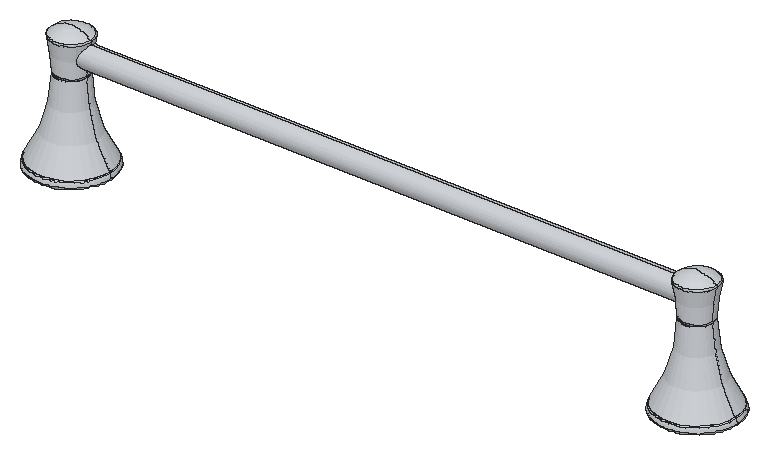
Revit family "Accessory-Towel_Bar-KOHLER-Coralais-K-13430", category Generic Models, host Face, Revit 2015
Parameters (values of type "CP-Polished Chrome")
  Width = 2 1/4"  # constant formula
  URL = "http://www.us.kohler.com/us/"
  Type = 1
  Product Page URL = "http://www.us.kohler.com/us/catalog/productDetails.jsp?productNumber=13430"
  Product Name = "Coralais"  # constant formula
  Product Documentation Link = "http://www.us.kohler.com/onlinecatalog/pdf/K-13430_spec.pdf"
  Outlet Connector = "Outlet Connection"  # constant formula
  Model = if(Type = 1, "K-13430-CP", if(Type = 2, "K-13430-G", if(Type = 3, "K-13430-BN", "")))  # "K-13430-CP"
  Material = "Premium Metal"  # constant formula
  MasterFormat 2004 = "10.28.13"  # constant formula
  MasterFormat 1995 = "10820"  # constant formula
  Manufacturer Address = "444 Highland Drive, Kohler, WI 53044"  # constant formula
  Manufacturer = "Kohler"  # constant formula
  Length = 20 1/4"  # constant formula
  Inlet Connector = "Inlet Connection"  # constant formula
  Height = 3 5/8"  # constant formula
  Finish = Kohler-Metal-CP-Polished_Chrome
  Description = "Coralais 18inch Towel Bar"  # constant formula
  Default Elevation = 42"
  Date Modified = "09/11/2017"  # constant formula
  Date Created = "09/11/2017"  # constant formula
  Copyright = "Copyright by Kohler Co."  # constant formula
  Contact Us = "https://www.us.kohler.com/us/static/contact.jsp"
  Assembly Code = "C1030200"
  ADA Compliant = yes
Types (4): name | Type | Model | Finish
  (no name) | 1 | "K-13430-CP" | Kohler-Metal-CP-Polished_Chrome
  CP-Polished Chrome | 1 | "K-13430-CP" | Kohler-Metal-CP-Polished_Chrome
  G-Brushed Chrome | 2 | "K-13430-G" | Kohler-Metal-G-Brushed_Chrome
  BN-Vibrant Brushed Nickel | 3 | "K-13430-BN" | Kohler-Metal-BN-Vibrant_Brushed_Nickel
Reference planes (in)
  plane 1 "Center (Front/Back)": y = 0
  plane 2: z = 0
  plane 3 "Center (Left/Right)": x = 0
  plane 4: y = 1.125
  plane 5: y = -1.125
  plane 6: x = -10.125
  plane 7: x = 10.125
  plane 8: z = 3.625
Dimensions and locks (in)
  "Width": plane 4 to plane 5
  equal spacing: plane 4, plane 1 "Center (Front/Back)", plane 5
  equal spacing: plane 6, plane 3 "Center (Left/Right)", plane 7
  "Length": plane 6 to plane 7
  "Height": plane 8 to level
  aligned and locked: plane 2 to host face
  aligned and locked: level to host face
Automatic sketch dimensions
  host sketch curve to host sketch curve = 96"  (x2)
Nested families (in)
  nested 1: "K-13430" at (0, 0, 0), type "K-13430"
Definition of nested family "K-13430"
  Parameters (values of type "K-13430")
    Material = none
    Half Distance = Center Distance / 2  # 9"
    Center Distance = 18"
  Reference planes (in)
    plane 1 "Center (Front/Back)": y = 0
    plane 2: z = 0
    plane 3 "Center (Left/Right)": x = 0
  Forms (in)
    Revolve 1, solid, material <- "Material"
      sketch origin (0, 0, 0) x (1, 0, 0) y (0, 0, 1)
        loop
          line (-9, 0) -> (-9, 3.59968)
          arc (-9, 3.59968) -> (-9.29293, 3.53546) -> (-9.55301, 3.38616) r 0.98617
          arc (-9.55301, 3.38616) -> (-9.56686, 3.36635) -> (-9.56774, 3.3422) r 0.0427
          arc (-9.56774, 3.3422) -> (-9.48155, 2.88907) -> (-9.45267, 2.42872) r 3.68357
          arc (-9.45267, 2.42872) -> (-9.44361, 2.40586) -> (-9.42133, 2.39543) r 0.03334
          arc (-9.42133, 2.39543) -> (-9.43905, 2.39236) -> (-9.45241, 2.38033) r 0.03248
          arc (-9.45241, 2.38033) -> (-9.61657, 1.24072) -> (-10.09571, 0.19378) r 4.03767
          line (-10.09571, 0.19378) -> (-10.04716, 0.17013) -> (-10.09008, 0.17013)
          arc (-10.09008, 0.17013) -> (-10.10663, 0.16525) -> (-10.11788, 0.15218) r 0.0305
          arc (-10.11788, 0.15218) -> (-10.13993, 0.08806) -> (-10.14982, 0.02098) r 0.36724
          arc (-10.14982, 0.02098) -> (-10.1444, 0.00621) -> (-10.12995, 0) r 0.0199
          line (-10.12995, 0) -> (-9, 0)
        axis (-9, 3.59968) -> (-9, 0)
      angle from 0 to 360
    Revolve 2, solid, material <- "Material"
      sketch origin (0, 0, 0) x (-1, 0, 0) y (0, 0, 1)
        loop
          line (-9, 0) -> (-9, 3.59968)
          arc (-9, 3.59968) -> (-9.29293, 3.53546) -> (-9.55301, 3.38616) r 0.98617
          arc (-9.55301, 3.38616) -> (-9.56686, 3.36635) -> (-9.56774, 3.3422) r 0.0427
          arc (-9.56774, 3.3422) -> (-9.48155, 2.88907) -> (-9.45267, 2.42872) r 3.68357
          arc (-9.45267, 2.42872) -> (-9.44361, 2.40586) -> (-9.42133, 2.39543) r 0.03334
          arc (-9.42133, 2.39543) -> (-9.43905, 2.39236) -> (-9.45241, 2.38033) r 0.03248
          arc (-9.45241, 2.38033) -> (-9.61657, 1.24072) -> (-10.09571, 0.19378) r 4.03767
          line (-10.09571, 0.19378) -> (-10.04716, 0.17013) -> (-10.09008, 0.17013)
          arc (-10.09008, 0.17013) -> (-10.10663, 0.16525) -> (-10.11788, 0.15218) r 0.0305
          arc (-10.11788, 0.15218) -> (-10.13993, 0.08806) -> (-10.14982, 0.02098) r 0.36724
          arc (-10.14982, 0.02098) -> (-10.1444, 0.00621) -> (-10.12995, 0) r 0.0199
          line (-10.12995, 0) -> (-9, 0)
        axis (-9, 3.59968) -> (-9, 0)
      angle from 0 to 360
    Revolve 3, solid, material <- "Material"
      sketch origin (0, 0, 0) x (1, 0, 0) y (0, 0, 1)
        loop
          line (-9, 2.96022) -> (9, 2.96022) -> (9, 3.27245) -> (-9, 3.27245) -> (-9, 2.96022)
        axis (-9, 2.96022) -> (9, 2.96022)
      angle from 0 to 360
  Cuts and joins
    joined: Revolve 1, Revolve 2, Revolve 3
  Lines and regions (in)
    Masking region 1
      outline origin (0, 0, 0) x (0, 1, 0) y (0, 0, 1)
        loop
          line (0, 0) -> (1.12995, 0)
          arc (1.12995, 0) -> (1.1444, 0.00621) -> (1.14982, 0.02098) r 0.0199
          arc (1.14982, 0.02098) -> (1.13993, 0.08806) -> (1.11788, 0.15218) r 0.36724
          arc (1.11788, 0.15218) -> (1.10663, 0.16525) -> (1.09008, 0.17013) r 0.0305
          line (1.09008, 0.17013) -> (1.04716, 0.17013) -> (1.09571, 0.19378)
          arc (1.09571, 0.19378) -> (0.61657, 1.24072) -> (0.45241, 2.38033) r 4.03767
          arc (0.45241, 2.38033) -> (0.43905, 2.39236) -> (0.42133, 2.39543) r 0.03248
          arc (0.42133, 2.39543) -> (0.44361, 2.40586) -> (0.45267, 2.42872) r 0.03334
          arc (0.45267, 2.42872) -> (0.48155, 2.88907) -> (0.56774, 3.3422) r 3.68357
          arc (0.56774, 3.3422) -> (0.56686, 3.36635) -> (0.55301, 3.38616) r 0.0427
          arc (0.55301, 3.38616) -> (0.29293, 3.53546) -> (0, 3.59968) r 0.98617
          arc (0, 3.59968) -> (-0.29293, 3.53546) -> (-0.55301, 3.38616) r 0.98617
          arc (-0.55301, 3.38616) -> (-0.56686, 3.36635) -> (-0.56774, 3.3422) r 0.0427
          arc (-0.56774, 3.3422) -> (-0.48155, 2.88907) -> (-0.45267, 2.42872) r 3.68357
          arc (-0.45267, 2.42872) -> (-0.44361, 2.40586) -> (-0.42133, 2.39543) r 0.03334
          arc (-0.42133, 2.39543) -> (-0.43905, 2.39236) -> (-0.45241, 2.38033) r 0.03248
          arc (-0.45241, 2.38033) -> (-0.61657, 1.24072) -> (-1.09571, 0.19378) r 4.03767
          line (-1.09571, 0.19378) -> (-1.04716, 0.17013) -> (-1.09008, 0.17013)
          arc (-1.09008, 0.17013) -> (-1.10663, 0.16525) -> (-1.11788, 0.15218) r 0.0305
          arc (-1.11788, 0.15218) -> (-1.13993, 0.08806) -> (-1.14982, 0.02098) r 0.36724
          arc (-1.14982, 0.02098) -> (-1.1444, 0.00621) -> (-1.12995, 0) r 0.0199
          line (-1.12995, 0) -> (0, 0)
    Masking region 2
      outline origin (0, 0, 0) x (1, 0, 0) y (0, 1, 0)
        loop
          arc (-7.89114, 0.31248) -> (-10.15205, 0) -> (-7.89114, -0.31248) r 1.15205
          line (-7.89114, -0.31248) -> (0, -0.31248) -> (7.89114, -0.31248)
          arc (7.89114, -0.31248) -> (10.15205, 0) -> (7.89114, 0.31248) r 1.15205
          line (7.89114, 0.31248) -> (0, 0.31248) -> (-7.89114, 0.31248)
    Masking region 3
      outline origin (0, 0, 0) x (1, 0, 0) y (0, 0, 1)
        loop
          line (-9, 0) -> (-7.87005, 0)
          arc (-7.87005, 0) -> (-7.8556, 0.00621) -> (-7.85018, 0.02098) r 0.0199
          arc (-7.85018, 0.02098) -> (-7.86007, 0.08806) -> (-7.88212, 0.15218) r 0.36724
          arc (-7.88212, 0.15218) -> (-7.89337, 0.16525) -> (-7.90992, 0.17013) r 0.0305
          line (-7.90992, 0.17013) -> (-7.95284, 0.17013) -> (-7.90429, 0.19378)
          arc (-7.90429, 0.19378) -> (-8.38343, 1.24072) -> (-8.54759, 2.38033) r 4.03767
          arc (-8.54759, 2.38033) -> (-8.56095, 2.39236) -> (-8.57867, 2.39543) r 0.03248
          arc (-8.57867, 2.39543) -> (-8.55639, 2.40586) -> (-8.54733, 2.42872) r 0.03334
          arc (-8.54733, 2.42872) -> (-8.54569, 2.53841) -> (-8.54079, 2.648) r 3.68357
          line (-8.54079, 2.648) -> (8.54079, 2.648)
          arc (8.54079, 2.648) -> (8.54569, 2.53841) -> (8.54733, 2.42872) r 3.68357
          arc (8.54733, 2.42872) -> (8.55639, 2.40586) -> (8.57867, 2.39543) r 0.03334
          arc (8.57867, 2.39543) -> (8.56095, 2.39236) -> (8.54759, 2.38033) r 0.03248
          arc (8.54759, 2.38033) -> (8.38343, 1.24072) -> (7.90429, 0.19378) r 4.03767
          line (7.90429, 0.19378) -> (7.95284, 0.17013) -> (7.90992, 0.17013)
          arc (7.90992, 0.17013) -> (7.89337, 0.16525) -> (7.88212, 0.15218) r 0.0305
          arc (7.88212, 0.15218) -> (7.86007, 0.08806) -> (7.85018, 0.02098) r 0.36724
          arc (7.85018, 0.02098) -> (7.8556, 0.00621) -> (7.87005, 0) r 0.0199
          line (7.87005, 0) -> (9, 0) -> (10.12995, 0)
          arc (10.12995, 0) -> (10.1444, 0.00621) -> (10.14982, 0.02098) r 0.0199
          arc (10.14982, 0.02098) -> (10.13993, 0.08806) -> (10.11788, 0.15218) r 0.36724
          arc (10.11788, 0.15218) -> (10.10663, 0.16525) -> (10.09008, 0.17013) r 0.0305
          line (10.09008, 0.17013) -> (10.04716, 0.17013) -> (10.09571, 0.19378)
          arc (10.09571, 0.19378) -> (9.61657, 1.24072) -> (9.45241, 2.38033) r 4.03767
          arc (9.45241, 2.38033) -> (9.43905, 2.39236) -> (9.42133, 2.39543) r 0.03248
          arc (9.42133, 2.39543) -> (9.44361, 2.40586) -> (9.45267, 2.42872) r 0.03334
          arc (9.45267, 2.42872) -> (9.48155, 2.88907) -> (9.56774, 3.3422) r 3.68357
          arc (9.56774, 3.3422) -> (9.56686, 3.36635) -> (9.55301, 3.38616) r 0.0427
          arc (9.55301, 3.38616) -> (9.29293, 3.53546) -> (9, 3.59968) r 0.98617
          arc (9, 3.59968) -> (8.70707, 3.53546) -> (8.44699, 3.38616) r 0.98617
          arc (8.44699, 3.38616) -> (8.43314, 3.36635) -> (8.43226, 3.3422) r 0.0427
          arc (8.43226, 3.3422) -> (8.441, 3.30737) -> (8.44939, 3.27245) r 3.68357
          line (8.44939, 3.27245) -> (-8.44939, 3.27245)
          arc (-8.44939, 3.27245) -> (-8.441, 3.30737) -> (-8.43226, 3.3422) r 3.68357
          arc (-8.43226, 3.3422) -> (-8.43314, 3.36635) -> (-8.44699, 3.38616) r 0.0427
          arc (-8.44699, 3.38616) -> (-8.70707, 3.53546) -> (-9, 3.59968) r 0.98617
          arc (-9, 3.59968) -> (-9.29293, 3.53546) -> (-9.55301, 3.38616) r 0.98617
          arc (-9.55301, 3.38616) -> (-9.56686, 3.36635) -> (-9.56774, 3.3422) r 0.0427
          arc (-9.56774, 3.3422) -> (-9.48155, 2.88907) -> (-9.45267, 2.42872) r 3.68357
          arc (-9.45267, 2.42872) -> (-9.44361, 2.40586) -> (-9.42133, 2.39543) r 0.03334
          arc (-9.42133, 2.39543) -> (-9.43905, 2.39236) -> (-9.45241, 2.38033) r 0.03248
          arc (-9.45241, 2.38033) -> (-9.61657, 1.24072) -> (-10.09571, 0.19378) r 4.03767
          line (-10.09571, 0.19378) -> (-10.04716, 0.17013) -> (-10.09008, 0.17013)
          arc (-10.09008, 0.17013) -> (-10.10663, 0.16525) -> (-10.11788, 0.15218) r 0.0305
          arc (-10.11788, 0.15218) -> (-10.13993, 0.08806) -> (-10.14982, 0.02098) r 0.36724
          arc (-10.14982, 0.02098) -> (-10.1444, 0.00621) -> (-10.12995, 0) r 0.0199
          line (-10.12995, 0) -> (-9, 0)
    symbolic lines, detail levels medium+fine
      curve 1: line (-8.54079, 0, 2.648) -> (-8.44939, 0, 3.27245)
      curve 2: line (8.44939, 0, 3.27245) -> (8.54079, 0, 2.648)
      curve 3: line (8.57867, 0, 2.39543) -> (9.42133, 0, 2.39543)
      curve 4: line (10.09008, 0, 0.17013) -> (7.90992, 0, 0.17013)
      curve 5: line (-8.57867, 0, 2.39543) -> (-9.42133, 0, 2.39543)
      curve 6: line (-10.09008, 0, 0.17013) -> (-7.90992, 0, 0.17013)
      curve 7: line (0, 0, 0.17013) -> (0, 1.09008, 0.17013)
      curve 8: line (0, -1.09008, 0.17013) -> (0, 0, 0.17013)
      curve 9: line (0, 0.42133, 2.39543) -> (0, -0.42133, 2.39543)
      curve 10: arc (-10.09571, 0, 0) -> (-9.15809, -1.08425, 0) -> (-7.94991, -0.31287, 0) r 1.09571
      curve 11: arc (10.09571, 0, 0) -> (9.15796, 1.08427, 0) -> (7.94983, 0.31262, 0) r 1.09571
      curve 12: arc (-7.95015, 0.31368, 0) -> (-9.15851, 1.08419, 0) -> (-10.09571, 0, 0) r 1.09571
      curve 13: arc (7.94982, -0.31257, 0) -> (9.15793, -1.08427, 0) -> (10.09571, 0, 0) r 1.09571
      curve 14: circle (-9, 0, 0) r 0.57437 normal (0, 0, 1)
      curve 15: circle (9, 0, 0) r 0.57035 normal (0, 0, 1)
      curve 16: line (-7.64463, 0.31368, 0) -> (-8.51885, 0.31368, 0)
      curve 17: line (-7.51833, -0.31287, 0) -> (-8.51833, -0.31287, 0)
      curve 18: line (7.18983, -0.31257, 0) -> (8.52292, -0.31257, 0)
      curve 19: line (7.23189, 0.31262, 0) -> (8.52295, 0.31262, 0)
  Dimensions and locks (in)
    equal spacing: Revolve 3 sketch curve, plane 3 "Center (Left/Right)", Revolve 3 sketch curve
    "Center Distance": Revolve 3 sketch curve to Revolve 3 sketch curve
    "Half Distance": plane 3 "Center (Left/Right)" to Revolve 1 sketch curve
    "Half Distance": Revolve 2 sketch curve to plane 3 "Center (Left/Right)"
    "Half Distance": curve 10 to plane 3 "Center (Left/Right)"
    "Half Distance": plane 3 "Center (Left/Right)" to curve 13
    "Center Distance": Masking region 2 sketch curve to curve 15
    equal spacing: Masking region 2 sketch curve, plane 3 "Center (Left/Right)", Masking region 2 sketch curve
    aligned and locked: plane 2 to level
    aligned and locked: level to Masking region 3 sketch curve
  Automatic sketch dimensions
    Revolve 2 sketch curve to level = 0"  (x2)
    Revolve 2 sketch curve to level = 2.38033"
    Revolve 2 sketch curve to Revolve 2 sketch curve = 0.35383"
    Revolve 2 sketch curve to level = 0.0199"
    Revolve 2 sketch curve to Revolve 2 sketch curve = 3.0063"
    Revolve 2 sketch curve to level = 0.19378"
    Revolve 2 sketch curve to Revolve 2 sketch curve = 0.03423"
    Revolve 2 sketch curve to Revolve 2 sketch curve = 0.00564"
    Revolve 2 sketch curve to Revolve 2 sketch curve = 0.04292"
    Revolve 2 sketch curve to level = 0.00118"
    Revolve 2 sketch curve to Revolve 2 sketch curve = 0.26404"
    Revolve 2 sketch curve to Revolve 2 sketch curve = 0.07396"
    Revolve 2 sketch curve to Revolve 2 sketch curve = 0.02756"
    Revolve 2 sketch curve to Revolve 2 sketch curve = 0.03308"
    Revolve 2 sketch curve to Revolve 2 sketch curve = 0.78312"
    Revolve 2 sketch curve to Revolve 2 sketch curve = 0.48161"
    Revolve 2 sketch curve to Revolve 2 sketch curve = 0.05414"
    Revolve 2 sketch curve to Revolve 2 sketch curve = 0.02364"
    Revolve 2 sketch curve to Revolve 2 sketch curve = 0.01718"
    Revolve 2 sketch curve to Revolve 2 sketch curve = 0.04838"
    Revolve 2 sketch curve to Revolve 2 sketch curve = 0.18676"
    Revolve 2 sketch curve to Revolve 2 sketch curve = 0.92408"
    Revolve 2 sketch curve to Revolve 2 sketch curve = 0.24689"
    Revolve 2 sketch curve to Revolve 2 sketch curve = 0"  (x4)
    Revolve 2 sketch curve to Revolve 2 sketch curve = 0.04137"
    Revolve 2 sketch curve to Revolve 2 sketch curve = 0.89496"
    Revolve 1 sketch curve to level = 0"  (x2)
    Revolve 1 sketch curve to Revolve 1 sketch curve = 0.41933"
    Revolve 1 sketch curve to Revolve 1 sketch curve = 0.00552"
    Revolve 1 sketch curve to Revolve 1 sketch curve = 0.52637"
    level to Revolve 1 sketch curve = 0.00118"
    Revolve 1 sketch curve to Revolve 1 sketch curve = 0.78312"
    level to Revolve 1 sketch curve = 0.17013"
    Revolve 1 sketch curve to Revolve 1 sketch curve = 0.26404"
    Revolve 1 sketch curve to Revolve 1 sketch curve = 0.04292"
    level to Revolve 1 sketch curve = 0.19378"
    Revolve 1 sketch curve to Revolve 1 sketch curve = 0.00564"
    Revolve 1 sketch curve to Revolve 1 sketch curve = 0.03987"
    Revolve 1 sketch curve to Revolve 1 sketch curve = 3.71139"
    Revolve 1 sketch curve to Revolve 1 sketch curve = 0.35383"
    Revolve 1 sketch curve to Revolve 1 sketch curve = 0.48161"
    Revolve 1 sketch curve to Revolve 1 sketch curve = 0.0199"
    Revolve 1 sketch curve to Revolve 1 sketch curve = 0.0305"
    Revolve 1 sketch curve to Revolve 1 sketch curve = 2.16937"
    level to Revolve 1 sketch curve = 2.38033"
    Revolve 1 sketch curve to Revolve 1 sketch curve = 0.04838"
    Revolve 1 sketch curve to Revolve 1 sketch curve = 0.18676"
    Revolve 1 sketch curve to Revolve 1 sketch curve = 0.92408"
    Revolve 1 sketch curve to Revolve 1 sketch curve = 0.24689"
    Revolve 1 sketch curve to Revolve 1 sketch curve = 0.00352"
    Revolve 1 sketch curve to Revolve 1 sketch curve = 0"  (x4)
    Revolve 1 sketch curve to level = 0.89496"
    level to Revolve 3 sketch curve = 2.96022"
    Revolve 3 sketch curve to Revolve 3 sketch curve = 0.31223"
    Revolve 3 sketch curve to Revolve 3 sketch curve = 0"  (x2)
    Revolve 3 sketch curve to Revolve 3 sketch curve = 2 1/2"
    Masking region 1 sketch curve to level = 0"
    Masking region 1 sketch curve to plane 1 "Center (Front/Back)" = 0"  (x2)
    plane 1 "Center (Front/Back)" to Masking region 1 sketch curve = 0.06228"
    Masking region 1 sketch curve to Masking region 1 sketch curve = 0.35706"  (x2)
    Masking region 1 sketch curve to Masking region 1 sketch curve = 0.00552"  (x2)
    plane 1 "Center (Front/Back)" to Masking region 1 sketch curve = 0.52637"
    level to Masking region 1 sketch curve = 0.00118"  (x2)
    plane 1 "Center (Front/Back)" to Masking region 1 sketch curve = 0.78312"
    Masking region 1 sketch curve to Masking region 1 sketch curve = 0.26404"  (x2)
    Masking region 1 sketch curve to Masking region 1 sketch curve = 0.04292"  (x2)
    level to Masking region 1 sketch curve = 0.19378"  (x2)
    Masking region 1 sketch curve to Masking region 1 sketch curve = 0.00564"  (x2)
    level to Masking region 1 sketch curve = 0.0199"  (x2)
    Masking region 1 sketch curve to Masking region 1 sketch curve = 0.03987"  (x2)
    Masking region 1 sketch curve to Masking region 1 sketch curve = 3.71139"  (x2)
    Masking region 1 sketch curve to Masking region 1 sketch curve = 0.35383"  (x2)
    Masking region 1 sketch curve to plane 1 "Center (Front/Back)" = 0.06228"
    Masking region 1 sketch curve to plane 1 "Center (Front/Back)" = 0.52637"
    Masking region 1 sketch curve to plane 1 "Center (Front/Back)" = 0.78312"
    Masking region 1 sketch curve to Masking region 1 sketch curve = 0.05414"  (x2)
    Masking region 1 sketch curve to Masking region 1 sketch curve = 0.0305"  (x2)
    Masking region 1 sketch curve to Masking region 1 sketch curve = 2.16937"
    Masking region 1 sketch curve to Masking region 1 sketch curve = 0"  (x8)
    level to Masking region 1 sketch curve = 2.38033"  (x2)
    Masking region 1 sketch curve to Masking region 1 sketch curve = 0.04838"  (x2)
    Masking region 1 sketch curve to Masking region 1 sketch curve = 0.18676"
    Masking region 1 sketch curve to Masking region 1 sketch curve = 0.73732"  (x2)
    Masking region 1 sketch curve to Masking region 1 sketch curve = 0.00352"  (x2)
    Masking region 1 sketch curve to Masking region 1 sketch curve = 0.02664"
    curve 8 to plane 1 "Center (Front/Back)" = 0"
    level to curve 8 = 0.17013"
    plane 1 "Center (Front/Back)" to curve 9 = 0.42133"
    plane 1 "Center (Front/Back)" to curve 8 = 1.09008"
    curve 9 to plane 1 "Center (Front/Back)" = 0.42133"
    curve 7 to curve 7 = 1.09008"
    curve 7 to curve 9 = 2.2253"
    plane 1 "Center (Front/Back)" to Masking region 2 sketch curve = 0"  (x2)
    Masking region 2 sketch curve to plane 3 "Center (Left/Right)" = 0"  (x2)
    plane 1 "Center (Front/Back)" to Masking region 2 sketch curve = 5/16"
    Masking region 2 sketch curve to plane 1 "Center (Front/Back)" = 5/16"
    Masking region 2 sketch curve to Masking region 2 sketch curve = 1.10886"  (x2)
    curve 10 to curve 12 = 0"
    curve 10 to curve 14 = 0"
    curve 11 to curve 13 = 0"
    curve 11 to curve 15 = 0"  (x2)
    curve 12 to curve 14 = 0"
    plane 1 "Center (Front/Back)" to curve 10 = 0"
    plane 1 "Center (Front/Back)" to curve 13 = 0"
    curve 12 to curve 10 = 1.09571"
    curve 10 to curve 16 = 0.48115"
    plane 1 "Center (Front/Back)" to curve 17 = 0.31287"
    curve 17 to curve 10 = 0.56842"
    curve 12 to curve 16 = 0.30552"
    curve 10 to curve 17 = 0.43158"
    plane 1 "Center (Front/Back)" to curve 18 = 0.31257"
    curve 18 to curve 13 = 1.81017"
    curve 19 to plane 1 "Center (Front/Back)" = 0.31262"
    curve 18 to curve 19 = 0.04206"
    curve 18 to curve 13 = 0.75999"
    curve 19 to curve 11 = 0.47705"
    Masking region 3 sketch curve to Masking region 3 sketch curve = 0"  (x21)
    Masking region 3 sketch curve to level = 0"
    Masking region 3 sketch curve to Masking region 3 sketch curve = 0.35706"  (x3)
    Masking region 3 sketch curve to Masking region 3 sketch curve = 0.00552"  (x4)
    level to Masking region 3 sketch curve = 0.00118"  (x4)
    level to Masking region 3 sketch curve = 0.17013"  (x2)
    Masking region 3 sketch curve to Masking region 3 sketch curve = 0.26404"  (x4)
    Masking region 3 sketch curve to Masking region 3 sketch curve = 0.04292"  (x4)
    level to Masking region 3 sketch curve = 0.19378"  (x4)
    Masking region 3 sketch curve to Masking region 3 sketch curve = 0.00564"  (x4)
    level to Masking region 3 sketch curve = 0.0199"  (x4)
    Masking region 3 sketch curve to Masking region 3 sketch curve = 0.03987"  (x4)
    Masking region 3 sketch curve to Masking region 3 sketch curve = 3.71139"  (x2)
    Masking region 3 sketch curve to Masking region 3 sketch curve = 0.35383"  (x4)
    Masking region 3 sketch curve to Masking region 3 sketch curve = 0.02423"  (x2)
    level to Masking region 3 sketch curve = 2.42872"
    Masking region 3 sketch curve to Masking region 3 sketch curve = 3.58564"  (x2)
    Masking region 3 sketch curve to Masking region 3 sketch curve = 0.03423"
    Masking region 3 sketch curve to Masking region 3 sketch curve = 0.0305"  (x4)
    Masking region 3 sketch curve to Masking region 3 sketch curve = 0.05414"  (x2)
    Masking region 3 sketch curve to Masking region 3 sketch curve = 0.06557"  (x2)
    Masking region 3 sketch curve to Masking region 3 sketch curve = 2.16937"
    level to Masking region 3 sketch curve = 2.38033"  (x3)
    Masking region 3 sketch curve to Masking region 3 sketch curve = 0.04838"  (x4)
    Masking region 3 sketch curve to Masking region 3 sketch curve = 0.18676"  (x2)
    Masking region 3 sketch curve to Masking region 3 sketch curve = 0.65697"
    Masking region 3 sketch curve to Masking region 3 sketch curve = 0.08034"  (x2)
    Masking region 3 sketch curve to Masking region 3 sketch curve = 0.73732"  (x2)
    Masking region 3 sketch curve to Masking region 3 sketch curve = 0.00352"  (x3)
    Masking region 3 sketch curve to Masking region 3 sketch curve = 0.02664"
    Masking region 3 sketch curve to Masking region 3 sketch curve = 0.00653"
    Masking region 3 sketch curve to Masking region 3 sketch curve = 0.03334"
    Masking region 3 sketch curve to Masking region 3 sketch curve = 0.78312"  (x4)
    Masking region 3 sketch curve to Masking region 3 sketch curve = 0.52637"  (x3)
    Masking region 3 sketch curve to plane 3 "Center (Left/Right)" = 4.50992"
    Masking region 3 sketch curve to Masking region 3 sketch curve = 0.67727"
    Masking region 3 sketch curve to Masking region 3 sketch curve = 0.12455"  (x2)
    Masking region 3 sketch curve to Masking region 3 sketch curve = 0.25675"
    plane 3 "Center (Left/Right)" to Masking region 3 sketch curve = 4.50992"
    Masking region 3 sketch curve to Masking region 3 sketch curve = 0.70509"
    Masking region 3 sketch curve to Masking region 3 sketch curve = 0.39693"
    Masking region 3 sketch curve to Masking region 3 sketch curve = 0.4641"
